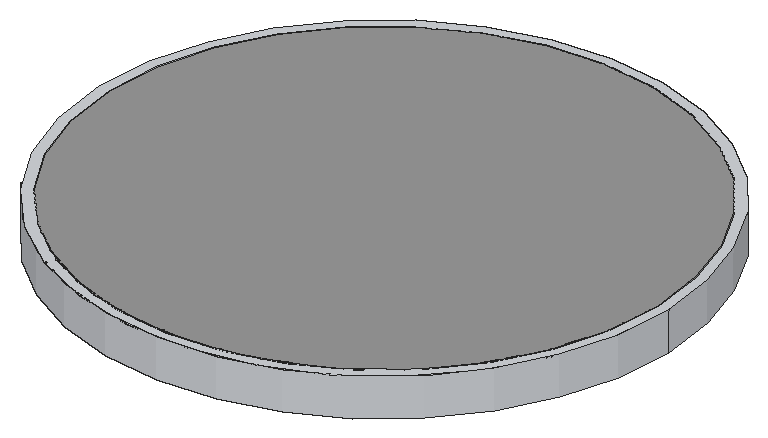
Revit family "2071258", category Lighting Fixtures, host Face, Revit 2018
Family settings
  Host = Face
  Round Connector Dimension = Use Diameter
  Part Type = Normal
  OmniClass Number = 23.80.70.00
  OmniClass Title = Lighting
  Cut with Voids When Loaded = No
  Light Source = Yes
  Shared = No
  Room Calculation Point = No
Parameters (values of type "2071258 COLOSSAL 900 830 OP DIR+H WHT DALI EM")
  iner diameter = 856 mm
  Weight = "n/a"
  Wattage Comments = ""
  Wattage = 30 W
  WarrantyStartDate [instance] = "n/a"
  WarrantyGuarantorParts = "n/a"
  WarrantyDurationUnit = "n/a"
  WarrantyDurationParts = ""
  WarrantyDescription = "http://www.sylvania-lighting.com"
  built-in parameter 1150110 = 1 (stored number, unit not read)
  Voltage = 230 V
  URL = "0.95"
  TypeName = "COLOSSAL 900mm 830 OPAL DIR+HAL WHITE DALI EM"
  Type Image = <None>
  Type Comments = "n/a"
  built-in parameter 1114217 = 1 (stored number, unit not read)
  Tilt Angle = -90.00°
  built-in parameter 1150109 = 1 (stored number, unit not read)
  built-in parameter 1150134 = (empty or 0)
  built-in parameter 1150113 = 1 (stored number, unit not read)
  SerialNumber [instance] = "n/a"
  Photometric Web File = "2071258.ies"
  Material_3_SYL = LED-Sylvania
  PowerFactor = 0
  PowerConsumption = "Lighting"
  NominalLength = 888 mm
  NominalHeight = 93 mm
  NominalDepth = 888 mm
  Name = "COLOSSAL 900mm 830 OPAL DIR+HAL WHITE DALI EM"
  ModelReference = Name  # "COLOSSAL 900mm 830 OPAL DIR+HAL WHITE DALI EM"
  ModelNumber = "2071258"
  Model = Name  # "COLOSSAL 900mm 830 OPAL DIR+HAL WHITE DALI EM"
  Material = "Feilo Sylvania"
  ManufacturerName = "134 lm/W"
  Manufacturer = ""
  LuminousEfficacy = ""
  built-in parameter 1150105 = 270.44 (stored number, unit not read)
  Lumens = 3398.4 lm
  LuminaireType = "0"
  built-in parameter 1150115 = 1 (stored number, unit not read)
  LightOutputRatio = "LED"
  built-in parameter 1150137 = (empty or 0)
  built-in parameter 1150139 = (empty or 0)
  LampsType = Lamp  # "n/a"
  LampNominalLuminous = "3000 K"
  LampMacAdamStep = "80"
  LampColourTemperature = "LED"
  LampColourRenderingIndex = "16500"
  built-in parameter 1150112 = 1 (stored number, unit not read)
  built-in parameter 1150114 = 1 (stored number, unit not read)
  Lamp = "n/a"
  Keynote = "n/a"
  InstallationDate [instance] = "n/a"
  InputVoltage = "0"
  InputNominalFrequency = "3000"
  built-in parameter 1150132 = (empty or 0)
  built-in parameter 1150102 = (empty or 0)
  built-in parameter 1150107 = 3000 (stored number, unit not read)
  built-in parameter 1150138 = (empty or 0)
  IngressProtection = "IfcLightFixtureType"
  ImpactProtectionIndex = "IfcLightFixtureType"
  built-in parameter 1150106 = 2.7044 (stored number, unit not read)
  IfcExportType = "IfcLightFixtureType"
  IfcExportAs = "Class I"
  Emit from Circle Diameter = 385 mm
  Emit Shape Visible in Rendering = no
  ElectricShockClassification = "134"
  built-in parameter 1150104 = 10.524 (stored number, unit not read)
  DocumentationLiterature = "http://www.sylvania-lighting.com/product/en-int/products/2071258"
  DimmingControlOptions = "n/a"
  Material_2_SYL = Polycarbonate_Sylvania_White
  Dimming Lamp Color Temperature Shift = <None>
  Description = "900mm diameter circular architectural luminaire, can be surface mounted or suspended. Powder coated aluminium housing (RAL9016) with polycarbonate opal diffuser. Direct/indirect (halo) light distribution, 10505lm luminuous flux, 78.5W system power, 134lm/W luminiaire efficacy. DALI dimmable. 3 hours integrated emergency. Colour rendering index Ra >80, 3000K Warm White LED, chromaticity tolerance of 3-step MacAdam ellipse. IP40/IP20, IK03. 450mA drive current. Electrical protection Class1, 220-240V. Reported lifetime 66k hours L90B10."
  Default Elevation = 1219.2 mm
  CreatedOn = "23/03/2022"
  CreatedBy = "@sylvania-lighting.com"
  Cost = 0
  Color Filter = 16777215
  built-in parameter 1114216 [instance] = (empty or 0)
  ClassificationValue = "EF_70_80"
  ClassificationName = "Uniclass2015"
  Material_1_SYL = Polycarbonate_Sylvania_Opal
  BarCode [instance] = "n/a"
  built-in parameter 1114218 = 1 (stored number, unit not read)
  built-in parameter 1150133 = 10 (stored number, unit not read)
  AssetType = "Fixed"
  AssetIdentifier [instance] = "n/a"
  Assembly Code = "D5020200"
  Apparent Load = 78.5 VA
  Material_4_SYL = none
Reference planes
  plane 1 "Center (Front/Back)": y = 0
  plane 2: z = 0
  plane 3 "Center (Left/Right)": x = 0
  plane 4: z = 1.161
  plane 5: z = 16.161
  plane 6: x = -444
  plane 7: x = 444
  plane 8: y = 444
  plane 9: y = -444
  plane 10: y = 236
  plane 11: y = -236
  plane 12: x = 85
  plane 13: x = -85
  plane 14: through (0, 0, 1219.2) normal (0.5, 0.866, 0)
  plane 15: through (42.5, 73.612, 1219.2) normal (0.5, 0.866, 0)
  plane 16: through (-42.5, -73.612, 1219.2) normal (0.5, 0.866, 0)
  plane 17: through (0, 0, 1219.2) normal (0.5, -0.866, 0)
  plane 18: through (-42.5, 73.612, 1219.2) normal (0.5, -0.866, 0)
  plane 19: through (42.5, -73.612, 1219.2) normal (0.5, -0.866, 0)
  plane 20: z = 93
  plane 21: y = 428
  plane 22: y = -428
Forms (mm)
  Extrusion 1, solid, detail levels medium+fine
    sketch origin (0, 0, 0) x (0.866025, -0.5, 0) y (0.5, 0.866025, 0)
      loop
        circle (-50, 86.603) r 22
    from 0 to 2
  Extrusion 2, solid, detail levels medium+fine
    sketch origin (0, 0, 0) x (0.866025, -0.5, 0) y (0.5, 0.866025, 0)
      loop
        circle (100, 0) r 22
      loop
        circle (-50, -86.603) r 22
    from 0 to 2
  Blend 3, solid, detail levels medium+fine
    base sketch origin (0, 0, 0) x (1, 0, 0) y (0, 1, 0)
      loop
        line (-85, 236) -> (-246.882, -44.388) -> (-161.882, -191.612) -> (161.882, -191.612) -> (246.882, -44.388) -> (85, 236) -> (-85, 236)
    top sketch origin (0, 0, 0) x (1, 0, 0) y (0, 1, 0)
      loop
        line (-85, 283.076) -> (-287.651, -67.926) -> (-207.792, -218.119) -> (207.792, -218.119) -> (292.5, -71.401) -> (85, 283.076) -> (-85, 283.076)
    from 0 to 33.022
  Extrusion 4, solid, detail levels medium+fine
    sketch origin (0, 0, 0) x (1, 0, 0) y (0, 1, 0)
      loop
        circle (0, 0) r 444
    from 33.022 to 93
  Extrusion 5, void
    sketch origin (0, 0, 0) x (1, 0, 0) y (0, 1, 0)
      loop
        circle (0, 0) r 428
    from 96.588 to 37.292
  Extrusion 6, solid, material "Glass, White, High Luminance", detail levels fine
    sketch origin (0, 0, 0) x (1, 0, 0) y (0, 1, 0)
      loop
        circle (0, 0) r 428
    from 87.991 to 93
  Extrusion 7, solid, detail levels coarse
    sketch origin (0, 0, 0) x (1, 0, 0) y (0, 1, 0)
      loop
        line (-444, 444) -> (-444, -444) -> (444, -444) -> (444, 444) -> (-444, 444)
    from 0 to 93.648
Cuts and joins
  Extrusion 5 cuts Extrusion 1
  Extrusion 5 cuts Extrusion 2
  Extrusion 5 cuts Blend 3
  Extrusion 5 cuts Extrusion 4
Lines and regions (mm)
  model lines, detail levels medium+fine
    curve 1: circle (0, 0, 0) r 100 normal (0, 0, 1)
Dimensions and locks
  "NominalDepth": plane 8 to plane 9
  plane 8 to plane 1 "Center (Front/Back)" to plane 9 = 444 mm, 444 mm
  "NominalLength": plane 6 to plane 7
  equal spacing: plane 6, plane 3 "Center (Left/Right)", plane 7
  "NominalHeight": level to plane 20
  "iner diameter": plane 21 to plane 22
  equal spacing: plane 21, plane 1 "Center (Front/Back)", plane 22
  aligned and locked: plane 2 to host face
  aligned and locked: level to host face
Automatic sketch dimensions
  host sketch curve to host sketch curve = 2438.4 mm  (x2)
  Extrusion 1 sketch curve to plane 3 "Center (Left/Right)" = 0 mm
  Extrusion 1 sketch curve to plane 1 "Center (Front/Back)" = 100 mm
  plane 1 "Center (Front/Back)" to Extrusion 2 sketch curve = 50 mm
  Extrusion 2 sketch curve to plane 3 "Center (Left/Right)" = 86.603 mm
  Extrusion 2 sketch curve to Extrusion 2 sketch curve = 150 mm
  Extrusion 2 sketch curve to Extrusion 2 sketch curve = 86.603 mm
  plane 1 "Center (Front/Back)" to curve 1 = 0 mm
  curve 1 to plane 3 "Center (Left/Right)" = 0 mm
  plane 18 to Blend 3 sketch curve = 0 mm  (x2)
  plane 19 to Blend 3 sketch curve = 0 mm  (x2)
  Blend 3 sketch curve to plane 10 = 0 mm
  Blend 3 sketch curve to plane 13 = 0 mm  (x2)
  Blend 3 sketch curve to plane 12 = 0 mm  (x2)
  Blend 3 sketch curve to plane 16 = 0 mm  (x2)
  Blend 3 sketch curve to plane 15 = 0 mm
  plane 11 to Blend 3 sketch curve = 44.388 mm
  plane 1 "Center (Front/Back)" to Blend 3 sketch curve = 44.388 mm  (x2)
  plane 11 to Blend 3 sketch curve = 17.881 mm
  plane 1 "Center (Front/Back)" to Blend 3 sketch curve = 67.926 mm
  plane 1 "Center (Front/Back)" to Blend 3 sketch curve = 71.401 mm
  Blend 3 sketch curve to plane 7 = 151.5 mm
  plane 10 to Blend 3 sketch curve = 47.076 mm
  plane 1 "Center (Front/Back)" to Extrusion 4 sketch curve = 0 mm
  Extrusion 4 sketch curve to plane 3 "Center (Left/Right)" = 0 mm
  plane 1 "Center (Front/Back)" to Extrusion 5 sketch curve = 0 mm
  Extrusion 5 sketch curve to plane 3 "Center (Left/Right)" = 0 mm
  plane 1 "Center (Front/Back)" to Extrusion 6 sketch curve = 0 mm
  Extrusion 6 sketch curve to plane 3 "Center (Left/Right)" = 0 mm
  Extrusion 7 sketch curve to plane 6 = 0 mm
  Extrusion 7 sketch curve to plane 7 = 0 mm
  Extrusion 7 sketch curve to plane 9 = 0 mm
  Extrusion 7 sketch curve to plane 8 = 0 mm
  radius of Extrusion 1 sketch curve = 22 mm
  radius of Extrusion 2 sketch curve = 22 mm  (x2)
  radius of curve 1 = 100 mm
  radius of Extrusion 4 sketch curve = 444 mm
  radius of Extrusion 5 sketch curve = 428 mm
  radius of Extrusion 6 sketch curve = 428 mm
Connectors
  electrical at (0, 0, 0), driven by "Apparent Load", driven by "PowerFactor", driven by "Voltage"
    settings: index 1, voltage 230 V, apparent load 78.5 VA, apparent load phase1 0 VA, apparent load phase2 0 VA, apparent load phase3 0 VA, power factor 0, load classification "Lighting", number of poles 1, system type 30, power factor state 1, is connector primary yes, connector utility no, sub classification motor no, connector description ""
